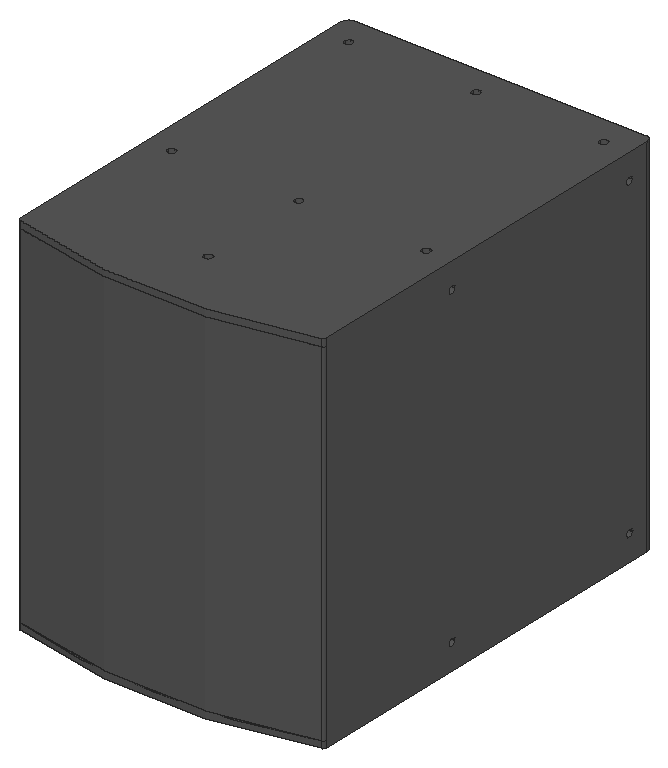
Revit family "1Electronics_Community_Biamp_Subwoofer_IS8-115", category Communication Devices, host Face, Revit 2020
Family settings
  Host = Face
  Maintain Annotation Orientation = No
  Round Connector Dimension = Use Diameter
  Part Type = Normal
  OmniClass Number = 23.85.10.11.14.14.14
  OmniClass Title = Loudspeakers
  Cut with Voids When Loaded = No
  Shared = No
  Room Calculation Point = No
Parameters (values of type "IS8-115 B")
  Width = 16.50"  # constant formula
  Weight = 72.00 lbf  # constant formula
  URL = "https://www.biamp.com/"
  Transducers = "1 x 15 (381mm) double-treated cone with 4 (102mm) voice coil, demodulation ring, neodymium construction"  # constant formula
  Shipping Weight = 82.00 lbf  # constant formula
  Recommended Amplifiers = "Single Amp - 1000W - 2000W @ 8 ohms,  (89V - 126V)"  # constant formula
  Product data url = "https://bimobject.com/biamp/product/is8-115_community-subwoofer"
  Product Page URL = "https://www.biamp.com/products/product-families/community/community-subwoofers#is8-115"
  Product Documentation Link = "https://downloads.biamp.com/assets/docs/default-source/data-sheets/biamp_data_sheet_community_is8-115.pdf"
  Operating Range = "36 Hz to 155 Hz  "  # constant formula
  Operating Mode = "Single Amp"  # constant formula
  Operating Environment = "Indoor"  # constant formula
  Nominal Sensitivity = "Half Space - 1W: 99 dB - 2.83V: 99 dB; Whole Space - 1W: 93 dB - 2.83V: 93 dB"  # constant formula
  Nominal Maximum SPL = "Half Space - Peak: 135 dB - Continuous: 129 dB; Whole Space - Peak: 129 dB - Continuous: 123 dB"  # constant formula
  Mounting Points = "(24) M10 threaded rigging points"  # constant formula
  Model = "IS8-115 B"
  Manufacturer = "Biamp"  # constant formula
  Input Connection = "Screw terminal blocks (4-position)"  # constant formula
  Housing Material = Biamp - Plastic - Black
  Height = 19.80078"  # constant formula
  Grill Material = Biamp - Plastic - Black(Grid)
  Equalized Sensitivity = "Half Space - 1W: 97 dB - 2.83V: 97 dB; Whole Space - 1W: 91 dB - 2.83V: 91 dB"  # constant formula
  Equalized Maximum SPL = "Half Space - Peak: 133 dB - Continuous: 127 dB; Whole Space - Peak: 127 dB - Continuous: 121 dB"  # constant formula
  Environmental = "Outdoor:  IP55W per IEC 60529 , MIL-STD-810G"  # constant formula
  Description = "IS8-115 High Power Single 15-Inch Subwoofer"  # constant formula
  Depth = 23.35156"  # constant formula
  Default Elevation = 48.00"
  Continuous Power Handling  Nominal Impedance = "Single Amp - 89V, 1000W @ 8 ohms (4000W peak)"  # constant formula
Types (3): name | Model | Housing Material | Grill Material
  (no name) | "IS8-115 B" | Biamp - Plastic - Black | Biamp - Plastic - Black(Grid)
  IS8-115 B | "IS8-115 B" | Biamp - Plastic - Black | Biamp - Plastic - Black(Grid)
  IS8-115 W | "IS8-115 W" | Biamp - Plastic - White | Biamp - Plastic - White(Grid)
Reference planes (in)
  plane 1 "Center (Front/Back)": y = 0
  plane 2: z = 0
  plane 3 "Center (Left/Right)": x = 0
  plane 4: y = 11.67578
  plane 5: y = -11.67578
  plane 6: x = -8.25
  plane 7: x = 8.25
  plane 8: z = 19.80078
  plane 9: z = 9.90039
Forms (in)
  Extrusion 1, solid, material "Biamp - Plastic - Black" <- "Housing Material", detail levels medium+fine
    sketch origin (0, 0, 0) x (1, 0, 0) y (0, 1, 0)
      loop
        arc (-8.24987, -10.31424) -> (-8.21124, -10.41966) -> (-8.11864, -10.48315) r 0.18443
        arc (-8.11864, -10.48315) -> (0, -11.67578) -> (8.11863, -10.48315) r 28.22936
        arc (8.11863, -10.48315) -> (8.21126, -10.41963) -> (8.24987, -10.31417) r 0.18443
        line (8.24987, -10.31417) -> (8.24987, 11.30084)
        arc (8.24987, 11.30084) -> (8.14005, 11.56597) -> (7.87491, 11.6758) r 0.37495
        line (7.87491, 11.6758) -> (-7.87511, 11.6758)
        arc (-7.87511, 11.6758) -> (-8.14583, 11.56033) -> (-8.24987, 11.28502) r 0.37508
        line (-8.24987, 11.28502) -> (-8.24987, -10.31424)
    from 0 to 19.80078
  Extrusion 2, void
    sketch origin (0, 0, 0) x (1, 0, 0) y (0, 1, 0)
      loop
        circle (-6.87, 10.11578) r 0.21654
      loop
        circle (0, 10.11578) r 0.21654
      loop
        circle (-6.87, -1.85422) r 0.21654
      loop
        circle (0, -1.85422) r 0.21654
      loop
        circle (0, -7.97422) r 0.21654
      loop
        circle (6.87, 10.11578) r 0.21654
      loop
        circle (6.87, -1.85422) r 0.21654
    from 19.42578 to 19.80078
  Extrusion 3, void
    sketch origin (0, 0, 0) x (0, 1, 0) y (0, 0, 1)
      loop
        circle (10.11578, 1.38) r 0.21654
      loop
        circle (10.11578, 18.42) r 0.21654
      loop
        circle (-1.85422, 1.38) r 0.21654
      loop
        circle (-1.85422, 18.42) r 0.21654
    from 8.25 to 7.875
  Extrusion 4, void
    sketch origin (0, 0, 0) x (1, 0, 0) y (0, 0, 1)
      loop
        circle (0, 18.42078) r 0.21654
      loop
        circle (0, 1.38) r 0.21654
      loop
        line (2.005, 13.43039) -> (-2.005, 13.43039)
        arc (-2.005, 13.43039) -> (-2.09339, 13.39378) -> (-2.13, 13.30539) r 0.125
        line (-2.13, 13.30539) -> (-2.13, 6.49539)
        arc (-2.13, 6.49539) -> (-2.09339, 6.407) -> (-2.005, 6.37039) r 0.125
        line (-2.005, 6.37039) -> (2.005, 6.37039)
        arc (2.005, 6.37039) -> (2.09339, 6.407) -> (2.13, 6.49539) r 0.125
        line (2.13, 6.49539) -> (2.13, 13.30539)
        arc (2.13, 13.30539) -> (2.09339, 13.39378) -> (2.005, 13.43039) r 0.125
    from -11.67578 to -11.30078
  Extrusion 5, void
    sketch origin (0, 0, 0) x (0, 1, 0) y (0, 0, 1)
      loop
        line (-10.30979, 19.42578) -> (-11.67578, 19.42578) -> (-11.67578, 0.375) -> (-10.30979, 0.375) -> (-10.30979, 19.42578)
    from -8.25 to 8.25
  Extrusion 6, solid, material "Biamp - Plastic - Black(Grid)" <- "Grill Material", detail levels medium+fine
    sketch origin (0, 0, 0) x (1, 0, 0) y (0, 1, 0)
      loop
        arc (-8.25, -10.30979) -> (-8.21259, -10.41789) -> (-8.11864, -10.48315) r 0.18443
        arc (-8.11864, -10.48315) -> (0, -11.67578) -> (8.11863, -10.48315) r 28.22936
        arc (8.11863, -10.48315) -> (8.21259, -10.41789) -> (8.25, -10.30979) r 0.18443
        line (8.25, -10.30979) -> (-8.25, -10.30979)
    from 0.375 to 19.42578
  Extrusion 7, solid, material "Biamp - Plastic - Black" <- "Housing Material", detail levels medium+fine
    sketch origin (0, 0, 0) x (1, 0, 0) y (0, 0, 1)
      loop
        line (-0.5, 12.43039) -> (-0.5, 12.18039) -> (0.5, 12.18039) -> (0.5, 12.43039) -> (-0.5, 12.43039)
      loop
        line (-0.5, 11.43039) -> (-0.5, 11.18039) -> (0.5, 11.18039) -> (0.5, 11.43039) -> (-0.5, 11.43039)
    from -11.48828 to -11.30078
  Extrusion 8, void
    sketch origin (0, 0, -19.42578) x (0, -1, 0) y (1, 0, 0)
      loop
        circle (-10.11578, 6.87) r 0.21654
      loop
        circle (-10.11578, -6.87) r 0.21654
      loop
        circle (-10.11578, 0) r 0.21654
      loop
        circle (1.85422, 6.87) r 0.21654
      loop
        circle (1.85422, -6.87) r 0.21654
      loop
        circle (1.85422, 0) r 0.21654
      loop
        circle (7.97422, 0) r 0.21654
    from 19.42578 to 19.80078
  Extrusion 9, void
    sketch origin (1.65039, 0, 0) x (0, 1, 0) y (0, 0, -1)
      loop
        circle (10.11578, -1.38) r 0.21654
      loop
        circle (10.11578, -18.42) r 0.21654
      loop
        circle (-1.85422, -1.38) r 0.21654
      loop
        circle (-1.85422, -18.42) r 0.21654
    from 9.52539 to 9.90039
  Extrusion 10, solid, material "Biamp - Plastic - Black" <- "Housing Material", detail levels coarse
    sketch origin (0, 0, 0) x (1, 0, 0) y (0, 1, 0)
      loop
        line (8.24987, -10.31417) -> (8.24987, 11.30084)
        arc (8.24987, 11.30084) -> (8.14005, 11.56597) -> (7.87491, 11.6758) r 0.37495
        line (7.87491, 11.6758) -> (-7.87511, 11.6758)
        arc (-7.87511, 11.6758) -> (-8.14583, 11.56033) -> (-8.24987, 11.28502) r 0.37508
        line (-8.24987, 11.28502) -> (-8.24987, -10.31424)
        arc (-8.24987, -10.31424) -> (-8.21124, -10.41966) -> (-8.11864, -10.48315) r 0.18443
        arc (-8.11864, -10.48315) -> (0, -11.67578) -> (8.11863, -10.48315) r 28.22936
        arc (8.11863, -10.48315) -> (8.21259, -10.41789) -> (8.25, -10.30979) r 0.18443
    from 0 to 19.80078
Cuts and joins
  Extrusion 2, Extrusion 3, Extrusion 4, Extrusion 5, Extrusion 8, Extrusion 9 cuts Extrusion 1
Lines and regions (in)
  Masking region 1
    outline origin (0, 0, 0) x (0, 1, 0) y (0, 0, 1)
      loop
        line (11.67578, 19.80078) -> (-11.67578, 19.80078) -> (-11.67578, 0) -> (11.67578, 0) -> (11.67578, 19.80078)
  Masking region 2
    outline origin (0, 0, 0) x (1, 0, 0) y (0, 0, 1)
      loop
        line (-8.25, 19.80078) -> (-8.25, 0) -> (8.25011, 0) -> (8.25011, 19.80078) -> (-8.25, 19.80078)
  Masking region 3
    outline origin (0, 0, 0) x (1, 0, 0) y (0, 1, 0)
      loop
        arc (-8.24987, -10.31424) -> (-8.21124, -10.41966) -> (-8.11864, -10.48315) r 0.18443
        arc (-8.11864, -10.48315) -> (0, -11.67578) -> (8.11863, -10.48315) r 28.22936
        arc (8.11863, -10.48315) -> (8.21126, -10.41963) -> (8.24987, -10.31417) r 0.18443
        line (8.24987, -10.31417) -> (8.24987, 11.30084)
        arc (8.24987, 11.30084) -> (8.14005, 11.56597) -> (7.87491, 11.6758) r 0.37495
        line (7.87491, 11.6758) -> (-7.87511, 11.6758)
        arc (-7.87511, 11.6758) -> (-8.14583, 11.56033) -> (-8.24987, 11.28502) r 0.37508
        line (-8.24987, 11.28502) -> (-8.24987, -10.31424)
  symbolic lines
    curve 1: arc (-6.65346, 10.11578, 0) -> (-6.87, 9.89925, 0) -> (-7.08654, 10.11578, 0) r 0.21654
    curve 2: arc (-7.08654, 10.11578, 0) -> (-6.87, 10.33232, 0) -> (-6.65346, 10.11578, 0) r 0.21654
    curve 3: arc (0.21654, 10.11578, 0) -> (0, 9.89925, 0) -> (-0.21654, 10.11578, 0) r 0.21654
    curve 4: arc (-0.21654, 10.11578, 0) -> (0, 10.33232, 0) -> (0.21654, 10.11578, 0) r 0.21654
    curve 5: arc (7.08654, 10.11578, 0) -> (6.87, 9.89925, 0) -> (6.65346, 10.11578, 0) r 0.21654
    curve 6: arc (6.65346, 10.11578, 0) -> (6.87, 10.33232, 0) -> (7.08654, 10.11578, 0) r 0.21654
    curve 7: arc (-6.65346, -1.85422, 0) -> (-6.87, -2.07075, 0) -> (-7.08654, -1.85422, 0) r 0.21654
    curve 8: arc (-7.08654, -1.85422, 0) -> (-6.87, -1.63768, 0) -> (-6.65346, -1.85422, 0) r 0.21654
    curve 9: arc (0.21654, -1.85422, 0) -> (0, -2.07075, 0) -> (-0.21654, -1.85422, 0) r 0.21654
    curve 10: arc (-0.21654, -1.85422, 0) -> (0, -1.63768, 0) -> (0.21654, -1.85422, 0) r 0.21654
    curve 11: arc (7.08654, -1.85422, 0) -> (6.87, -2.07075, 0) -> (6.65346, -1.85422, 0) r 0.21654
    curve 12: arc (6.65346, -1.85422, 0) -> (6.87, -1.63768, 0) -> (7.08654, -1.85422, 0) r 0.21654
    curve 13: arc (0.21654, -7.97422, 0) -> (0, -8.19075, 0) -> (-0.21654, -7.97422, 0) r 0.21654
    curve 14: arc (-0.21654, -7.97422, 0) -> (0, -7.75768, 0) -> (0.21654, -7.97422, 0) r 0.21654
    curve 15: line (0, -11.67578, 19.80078) -> (0, 11.67578, 19.80078)
    curve 16: line (0, -11.67578, 0) -> (0, -11.67578, 19.80078)
    curve 17: line (0, 11.67578, 0) -> (0, -11.67578, 0)
    curve 18: line (0, 11.67578, 19.80078) -> (0, 11.67578, 0)
    curve 19: arc (0, -1.63768, 18.42) -> (0, -1.85422, 18.20346) -> (0, -2.07075, 18.42) r 0.21654
    curve 20: arc (0, -2.07075, 18.42) -> (0, -1.85422, 18.63654) -> (0, -1.63768, 18.42) r 0.21654
    curve 21: arc (0, 10.33232, 18.42) -> (0, 10.11578, 18.20346) -> (0, 9.89925, 18.42) r 0.21654
    curve 22: arc (0, 9.89925, 18.42) -> (0, 10.11578, 18.63654) -> (0, 10.33232, 18.42) r 0.21654
    curve 23: arc (0, -1.63768, 1.38) -> (0, -1.85422, 1.16346) -> (0, -2.07075, 1.38) r 0.21654
    curve 24: arc (0, -2.07075, 1.38) -> (0, -1.85422, 1.59654) -> (0, -1.63768, 1.38) r 0.21654
    curve 25: arc (0, 10.33232, 1.38) -> (0, 10.11578, 1.16346) -> (0, 9.89925, 1.38) r 0.21654
    curve 26: arc (0, 9.89925, 1.38) -> (0, 10.11578, 1.59654) -> (0, 10.33232, 1.38) r 0.21654
    curve 27: line (0, -11.67578, 19.42578) -> (0, -9.83126, 19.42578)
    curve 28: line (0, -9.83126, 19.80078) -> (0, -9.83126, 0)
    curve 29: line (0, -9.83126, 0.375) -> (0, -11.67578, 0.375)
    curve 30: line (-8.25, 0, 19.80078) -> (8.25011, 0, 19.80078)
    curve 31: line (-8.25, 0, 0) -> (-8.25, 0, 19.80078)
    curve 32: line (8.25011, 0, 0) -> (-8.25, 0, 0)
    curve 33: line (8.25011, 0, 19.80078) -> (8.25011, 0, 0)
    curve 34: line (8.25011, 0, 19.42578) -> (-8.25, 0, 19.42578)
    curve 35: line (-8.25, 0, 0.375) -> (8.25011, 0, 0.375)
Dimensions and locks (in)
  equal spacing: plane 5, plane 1 "Center (Front/Back)", plane 4
  "Depth": plane 4 to plane 5
  equal spacing: plane 6, plane 3 "Center (Left/Right)", plane 7
  "Width": plane 6 to plane 7
  "Height": plane 8 to plane 2
  equal spacing: plane 8, plane 9, plane 2
  aligned and locked: plane 2 to host face
  aligned and locked: level to host face
  aligned and locked: plane 8 to Extrusion 1
  aligned and locked: plane 8 to Extrusion 2
  aligned and locked: Extrusion 4 to plane 4
  aligned and locked: plane 7 to Extrusion 3
  aligned and locked: plane 7 to Extrusion 5
  aligned and locked: Extrusion 5 to plane 6
Automatic sketch dimensions
  host sketch curve to host sketch curve = 96.00"  (x2)
  Extrusion 7 sketch curve to plane 3 "Center (Left/Right)" = 0.50"  (x2)
  plane 3 "Center (Left/Right)" to Extrusion 7 sketch curve = 0.50"  (x2)
  plane 9 to Extrusion 7 sketch curve = 1.28"
  Extrusion 7 sketch curve to Extrusion 7 sketch curve = 0.25"  (x2)
  Extrusion 7 sketch curve to Extrusion 7 sketch curve = 0.75"
  curve 1 to curve 2 = 0.00"  (x2)
  curve 3 to curve 4 = 0.00"  (x2)
  curve 5 to curve 6 = 0.00"  (x2)
  curve 7 to curve 8 = 0.00"  (x2)
  curve 9 to curve 10 = 0.00"  (x2)
  curve 11 to curve 12 = 0.00"  (x2)
  curve 13 to curve 14 = 0.00"  (x2)
  curve 10 to plane 3 "Center (Left/Right)" = 0.00"
  curve 13 to plane 3 "Center (Left/Right)" = 0.00"
  curve 3 to plane 3 "Center (Left/Right)" = 0.00"
  plane 6 to curve 7 = 1.38"
  plane 6 to curve 1 = 1.38"
  curve 5 to plane 7 = 1.38"
  curve 12 to plane 7 = 1.38"
  plane 5 to curve 14 = 3.70156"
  plane 1 "Center (Front/Back)" to curve 12 = 1.85422"
  plane 1 "Center (Front/Back)" to curve 10 = 1.85422"
  plane 1 "Center (Front/Back)" to curve 7 = 1.85422"
  plane 4 to curve 6 = 1.56"
  plane 4 to curve 4 = 1.56"
  plane 4 to curve 2 = 1.56"
  curve 10 to curve 9 = 0.21654"
  curve 3 to curve 3 = 0.21654"
  curve 13 to curve 13 = 0.21654"
  curve 7 to curve 7 = 0.21654"
  curve 1 to curve 1 = 0.21654"
  curve 5 to curve 5 = 0.21654"
  curve 11 to curve 11 = 0.21654"
  curve 19 to curve 20 = 0.00"  (x2)
  curve 21 to curve 22 = 0.00"  (x2)
  curve 23 to curve 24 = 0.00"  (x2)
  curve 25 to curve 26 = 0.00"  (x2)
  curve 15 to plane 5 = 0.00"
  curve 28 to plane 8 = 0.00"
  curve 28 to level = 0.00"
  curve 17 to plane 4 = 0.00"
  plane 1 "Center (Front/Back)" to curve 19 = 1.85422"
  plane 1 "Center (Front/Back)" to curve 24 = 1.85422"
  plane 4 to curve 25 = 1.56"
  plane 4 to curve 22 = 1.56"
  level to curve 26 = 1.38"
  level to curve 24 = 1.38"
  curve 22 to plane 8 = 1.38078"
  curve 20 to plane 8 = 1.38078"
  level to curve 29 = 0.375"
  curve 29 to curve 29 = 1.84453"
  curve 23 to curve 23 = 0.21654"
  curve 20 to curve 19 = 0.21654"
  curve 22 to curve 21 = 0.21654"
  curve 26 to curve 25 = 0.21654"
  curve 27 to plane 8 = 0.375"
  curve 30 to plane 6 = 0.00"
  curve 33 to level = 0.00"
  curve 30 to plane 8 = 0.00"
  plane 7 to curve 33 = 0.00011"
  level to curve 35 = 0.375"
  curve 34 to curve 30 = 0.375"
  Extrusion 2 sketch curve to plane 3 "Center (Left/Right)" = 0.00"  (x3)
  plane 6 to Extrusion 2 sketch curve = 1.38"  (x2)
  Extrusion 2 sketch curve to plane 7 = 1.38"  (x2)
  plane 5 to Extrusion 2 sketch curve = 3.70156"
  plane 1 "Center (Front/Back)" to Extrusion 2 sketch curve = 1.85422"  (x3)
  plane 4 to Extrusion 2 sketch curve = 1.56"  (x3)
  plane 1 "Center (Front/Back)" to Extrusion 3 sketch curve = 1.85422"  (x2)
  plane 4 to Extrusion 3 sketch curve = 1.56"  (x2)
  level to Extrusion 3 sketch curve = 1.38"  (x2)
  Extrusion 3 sketch curve to plane 8 = 1.38078"  (x2)
  Extrusion 4 sketch curve to plane 3 "Center (Left/Right)" = 0.00"  (x2)
  Extrusion 4 sketch curve to plane 3 "Center (Left/Right)" = 2.005"  (x2)
  Extrusion 4 sketch curve to Extrusion 4 sketch curve = 0.125"  (x2)
  plane 3 "Center (Left/Right)" to Extrusion 4 sketch curve = 2.005"  (x2)
  level to Extrusion 4 sketch curve = 1.38"
  Extrusion 4 sketch curve to plane 9 = 3.53"
  plane 9 to Extrusion 4 sketch curve = 3.405"
  Extrusion 4 sketch curve to plane 8 = 1.38"
  Extrusion 5 sketch curve to plane 5 = 0.00"
  level to Extrusion 5 sketch curve = 0.375"
  Extrusion 5 sketch curve to Extrusion 5 sketch curve = 1.36599"
  Extrusion 5 sketch curve to plane 8 = 0.375"
  Extrusion 6 sketch curve to plane 6 = 0.00"
  plane 6 to Extrusion 6 sketch curve = 0.1844"
  Extrusion 6 sketch curve to plane 3 "Center (Left/Right)" = 0.00"
  Extrusion 6 sketch curve to plane 7 = 0.18441"
  Extrusion 6 sketch curve to plane 7 = 0.00"
  plane 5 to Extrusion 6 sketch curve = 1.36599"
  Extrusion 6 sketch curve to Extrusion 6 sketch curve = 0.00329"  (x2)
  Extrusion 6 sketch curve to plane 4 = 4.87779"
  Extrusion 6 sketch curve to Extrusion 6 sketch curve = 0.00"
  Extrusion 8 sketch curve to plane 3 "Center (Left/Right)" = 0.00"  (x3)
  plane 4 to Extrusion 8 sketch curve = 1.56"  (x3)
  plane 1 "Center (Front/Back)" to Extrusion 8 sketch curve = 1.85422"  (x3)
  plane 5 to Extrusion 8 sketch curve = 3.70156"
  plane 6 to Extrusion 8 sketch curve = 1.38"  (x2)
  Extrusion 8 sketch curve to plane 7 = 1.38"  (x2)
  plane 1 "Center (Front/Back)" to Extrusion 9 sketch curve = 1.85422"  (x2)
  plane 4 to Extrusion 9 sketch curve = 1.56"  (x2)
  Extrusion 9 sketch curve to plane 8 = 1.38078"  (x2)
  level to Extrusion 9 sketch curve = 1.38"  (x2)
  plane 6 to Extrusion 10 sketch curve = 0.00013"
  plane 6 to Extrusion 10 sketch curve = 0.1844"
  Extrusion 10 sketch curve to plane 4 = 0.00001"
  plane 6 to Extrusion 10 sketch curve = 0.37489"
  Extrusion 10 sketch curve to plane 3 "Center (Left/Right)" = 0.00"
  Extrusion 10 sketch curve to plane 7 = 0.37509"
  Extrusion 10 sketch curve to plane 7 = 0.18441"
  Extrusion 10 sketch curve to plane 7 = 0.00013"
  Extrusion 10 sketch curve to Extrusion 10 sketch curve = 0.37508"
  plane 5 to Extrusion 10 sketch curve = 1.36928"  (x2)
  Extrusion 10 sketch curve to Extrusion 10 sketch curve = 0.00773"
  Extrusion 10 sketch curve to plane 4 = 4.87779"
  Extrusion 10 sketch curve to Extrusion 10 sketch curve = 0.00"  (x2)
  Extrusion 10 sketch curve to plane 7 = 0.00"
  Masking region 1 sketch curve to plane 5 = 0.00"
  Masking region 1 sketch curve to level = 0.00"
  Masking region 1 sketch curve to plane 4 = 0.00"
  Masking region 1 sketch curve to plane 8 = 0.00"
  Masking region 2 sketch curve to level = 0.00"
  Masking region 2 sketch curve to plane 6 = 0.00"
  Masking region 2 sketch curve to plane 8 = 0.00"
  plane 7 to Masking region 2 sketch curve = 0.00011"
  plane 6 to Extrusion 1 sketch curve = 0.00013"
  plane 6 to Extrusion 1 sketch curve = 0.1844"
  Extrusion 1 sketch curve to plane 4 = 0.00001"
  plane 6 to Extrusion 1 sketch curve = 0.37489"
  Extrusion 1 sketch curve to plane 3 "Center (Left/Right)" = 0.00"
  Extrusion 1 sketch curve to plane 7 = 0.37509"
  Extrusion 1 sketch curve to plane 7 = 0.18441"
  Extrusion 1 sketch curve to plane 7 = 0.00013"
  Extrusion 1 sketch curve to Extrusion 1 sketch curve = 0.37508"
  plane 5 to Extrusion 1 sketch curve = 1.36928"  (x2)
  Extrusion 1 sketch curve to Extrusion 1 sketch curve = 0.00767"
  Extrusion 1 sketch curve to Extrusion 1 sketch curve = 0.00773"
  Extrusion 1 sketch curve to plane 4 = 4.87779"
  Extrusion 1 sketch curve to Extrusion 1 sketch curve = 0.00"
  plane 6 to Masking region 3 sketch curve = 0.00013"
  plane 6 to Masking region 3 sketch curve = 0.1844"
  Masking region 3 sketch curve to plane 4 = 0.00001"
  plane 6 to Masking region 3 sketch curve = 0.37489"
  Masking region 3 sketch curve to plane 3 "Center (Left/Right)" = 0.00"
  Masking region 3 sketch curve to plane 7 = 0.37509"
  Masking region 3 sketch curve to plane 7 = 0.18441"
  Masking region 3 sketch curve to plane 7 = 0.00013"
  Masking region 3 sketch curve to Masking region 3 sketch curve = 0.37508"
  plane 5 to Masking region 3 sketch curve = 1.36928"  (x2)
  Masking region 3 sketch curve to Masking region 3 sketch curve = 0.00767"
  Masking region 3 sketch curve to Masking region 3 sketch curve = 0.00773"
  Masking region 3 sketch curve to plane 4 = 4.87779"
  Masking region 3 sketch curve to Masking region 3 sketch curve = 0.00"
  radius of Extrusion 2 sketch curve = 0.21654"  (x7)
  radius of Extrusion 3 sketch curve = 0.21654"  (x4)
  radius of Extrusion 4 sketch curve = 0.21654"  (x2)
  radius of Extrusion 8 sketch curve = 0.21654"  (x7)
  radius of Extrusion 9 sketch curve = 0.21654"  (x4)
Connectors (in)
  electrical at (0.25, 11.48828, 12.30539)
    settings: on Extrusion 7, index 1, voltage 0 V, apparent load 0 VA, apparent load phase1 0 VA, apparent load phase2 0 VA, apparent load phase3 0 VA, power factor 1, load classification "Other", number of poles 1, system type 5, power factor state 1, is connector primary yes, connector utility no, sub classification motor no, connector description "Screw terminal blocks; LF Input"
  electrical at (0.25, 11.48828, 11.30539)
    settings: on Extrusion 7, index 2, voltage 0 V, apparent load 0 VA, apparent load phase1 0 VA, apparent load phase2 0 VA, apparent load phase3 0 VA, power factor 1, load classification "Other", number of poles 1, system type 5, power factor state 1, is connector primary no, connector utility no, sub classification motor no, connector description "Screw terminal blocks; LOOP Input"
  electrical at (-0.25, 11.48828, 12.30539)
    settings: on Extrusion 7, index 3, voltage 0 V, apparent load 0 VA, apparent load phase1 0 VA, apparent load phase2 0 VA, apparent load phase3 0 VA, power factor 1, load classification "Other", number of poles 1, system type 5, power factor state 1, is connector primary no, connector utility no, sub classification motor no, connector description "Screw terminal blocks; LF thru"
  electrical at (-0.25, 11.48828, 11.30539)
    settings: on Extrusion 7, index 4, voltage 0 V, apparent load 0 VA, apparent load phase1 0 VA, apparent load phase2 0 VA, apparent load phase3 0 VA, power factor 1, load classification "Other", number of poles 1, system type 5, power factor state 1, is connector primary no, connector utility no, sub classification motor no, connector description "Screw terminal blocks; LOOP thru"
